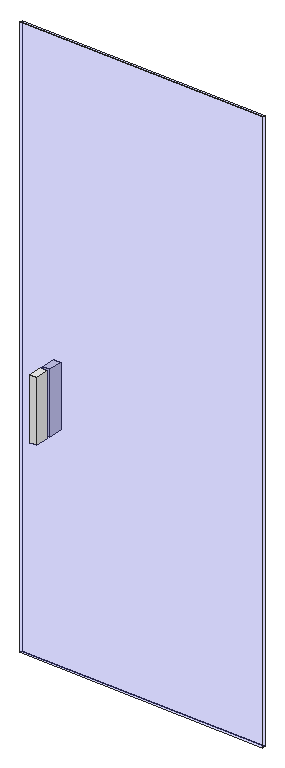
Revit family
Parameters
  Offset = 51.00 mm
  Glazing Material = Glass
Reference planes
  plane 1: y = 0
  plane 2: z = 0
  plane 3: x = 539.723
  plane 4: x = 82.523
  plane 5: x = 996.923
  plane 6: z = 2133.6
  plane 7: y = 51
Forms (mm)
  Extrusion 1, solid, material "Glass" <- "Glazing Material"
    sketch origin (0, 0, 0) x (1, 0, 0) y (0, 1, 0)
      loop
        line (82.523, 51) -> (82.523, 38.3) -> (996.923, 38.3) -> (996.923, 51) -> (82.523, 51)
    from 0 to 2133.6
  Extrusion 2, solid, material "Metal - Aluminum"
    sketch origin (412.723, 51, 2133.6) x (0, 0, -1) y (-1, 0, 0)
      loop
        line (1143, 228.6) -> (1371.6, 228.6) -> (1371.6, 254) -> (1143, 254) -> (1143, 228.6)
    from 0 to 50.8
  Extrusion 3, solid, material "Metal - Aluminum"
    sketch origin (82.523, 38.3, 2133.6) x (0, 0, -1) y (1, 0, 0)
      loop
        line (1143, 76.2) -> (1371.6, 76.2) -> (1371.6, 101.6) -> (1143, 101.6) -> (1143, 76.2)
    from 0 to 50.8
Lines and regions (mm)
  symbolic lines, style "DoorsPanelProjection"
    curve 1: line (996.923, 51, 0) -> (996.923, 965.4, 0)
  symbolic lines, style "Elevation Swing"
    curve 2: line (82.523, 51, 2133.6) -> (996.923, 51, 1066.8)
    curve 3: line (996.923, 51, 1066.8) -> (82.523, 51, 0)
  symbolic lines, style "Plan Swing"
    curve 4: arc (82.523, 51, 0) -> (350.345, 697.578, 0) -> (996.923, 965.4, 0) r 914.4
Text (mm)
  text "Exterior" at (-272.061, 797.241, 0), in view "Base Line"
Dimensions and locks
  equal spacing: plane 4, plane 3, plane 5
  "Offset": plane 1 to plane 7
  equal spacing: plane 2, curve 3, plane 6
  Extrusion 1 to Extrusion 3 = 76.20 mm
  aligned and locked: Extrusion 1 to plane 6
  aligned and locked: Extrusion 1 sketch curve to plane 4
  aligned and locked: Extrusion 1 to plane 2
Automatic sketch dimensions
  curve 4 to plane 4 = 0.00 mm
  curve 4 to plane 5 = 0.00 mm
  curve 4 to plane 7 = 0.00 mm
  curve 2 to plane 4 = 0.00 mm
  curve 2 to plane 6 = 0.00 mm
  curve 3 to level = 0.00 mm
  curve 3 to plane 4 = 0.00 mm
  curve 3 to plane 5 = 0.00 mm
  Extrusion 3 sketch curve to plane 4 = 101.60 mm
  level to Extrusion 3 sketch curve = 990.60 mm
  Extrusion 3 sketch curve to plane 4 = 76.20 mm
  Extrusion 3 sketch curve to Extrusion 3 sketch curve = 228.60 mm
  Extrusion 1 sketch curve to plane 5 = 0.00 mm
  Extrusion 1 sketch curve to plane 7 = 0.00 mm
  Extrusion 1 sketch curve to Extrusion 1 sketch curve = 12.70 mm
  Extrusion 2 sketch curve to plane 4 = 76.20 mm
  level to Extrusion 2 sketch curve = 990.60 mm
  Extrusion 2 sketch curve to plane 4 = 101.60 mm
  Extrusion 2 sketch curve to Extrusion 2 sketch curve = 228.60 mm
  curve 1 to plane 7 = 0.00 mm
